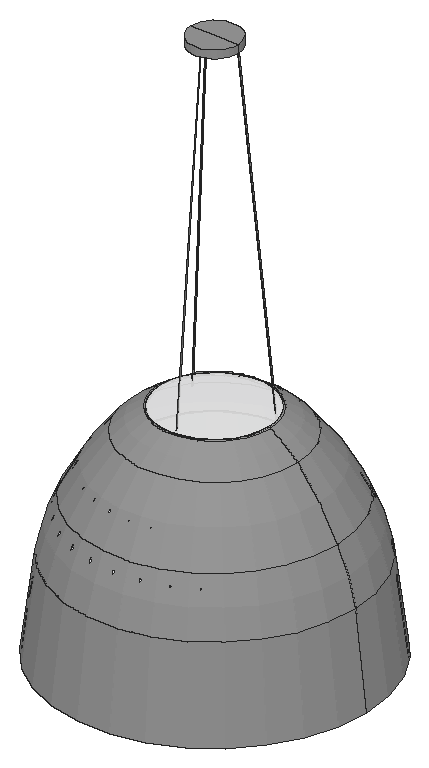
Revit family "Artemide_NurAcoustic", category Apparecchi per illuminazione, Revit 2018
Family settings
  Quota connettore circolare = Usa diametro
  Tipo di parte = Normale
  Numero OmniClass = 23.80.70.00
  Titolo OmniClass = Lighting
  Basato su piano di lavoro = Sì
  Sempre verticale = Sì
  Taglio con vuoti quando caricato = No
  Sorgente d'illuminazione = Sì
  Condiviso = No
  Punto di calcolo locali = No
Parameters (values of type "NurAcoustic_Grey_A243700")
  Weekly = "-"
  Wattage  = 80
  Wattage = 80 W
  Warranty ID = "https://cloud.artemide.com/5-years-warranty"
  built-in parameter 1150110 = 1 (stored number, unit not read)
  Voltage = 220
  Upward Component  = 0
  Unified Glare Rating  = "-"
  Uniclass2015 = "Pr_70_70_48"  # constant formula
  URL to O&M Manual = "https://www.artemide.com/contents/documenti/prodotto/nur_acoustic_instructions4832836.pdf"
  URL to Energy Technology List = "-"
  URL = "https://www.artemide.com/it/subfamily/3381857/nur-acoustic#4751388/nur-acoustic-bianco"
  Total Power = 0
  Total Light Output  = 0
  built-in parameter 1114217 = 1 (stored number, unit not read)
  Tilt Angle = 90.00°
  Testing method = "-"
  built-in parameter 1150109 = 1 (stored number, unit not read)
  built-in parameter 1150134 = (empty or 0)
  built-in parameter 1150113 = 1 (stored number, unit not read)
  Supply Phase = 0
  Suitable for Photocell Control = "-"
  Suitable for Motion Detector Control = "-"
  Suitable for Dimming  = "-"
  Suitable Dimmer Type = "-"
  Standards = "-"
  Shipping Weight = 0
  Service life  = "-"
  Secondary Rated Lamp Life = 0
  Secondary Lamp Voltage = 0
  Secondary Lamp International Type Code = "-"
  Secondary Lamp Initial Lumens  = 0
  Secondary Lamp Included = "-"
  Secondary Lamp Efficacy = 0
  Secondary Lamp Colour Temperature = 0
  Secondary Lamp Colour Rendering Index = 0
  Secondary Lamp Cap = "-"
  Secondary Lamp = "N"
  Responsible Sourcing of Materials = "-"
  Responsible Extraction of Materials = "-"
  Reflector Material = "PET"
  Reflector Finish = "Opac acrylic"
  Rated Lamp Life = 0
  Quarterly = "-"
  Product Range = "Nur Acoustic"
  Product Model Number = "A243700"
  Product Literature = "https://www.artemide.com/it/subfamily/3381857/nur-acoustic#3381887/nur-acoustic-grigio"
  Primary Lamp Type = "LED"
  Power Supply Kit = "-"
  Power Factor = 0
  File diagramma fotometrico = "A243700.ies"
  Photocell = "-"
  Overall Width = 0
  Overall Light Output Ratio = 0
  Overall Length = Diameter_Lamp  # 917 mm
  Overall Height = Height_Lamp  # 705 mm
  Output Lumens Indirect light = 0
  Output Lumens Direct light = 0
  Number of Secondary Lamps = 0
  Number of Primary Lamps = 1
  Number of Poles = 0
  Motion Sensor = "-"
  Motion Detector = ""
  Monthly = "-"
  Modello = "Nur Acoustic"
  Minimum Operating Temperature = 0
  Maximum Operating Temperature = 0
  Max Height from ceiling = 2600 mm  # constant formula
  Material Ingredient Reporting = "-"
  Manufacturer Website = "https://www.artemide.com"
  Produttore = "Artemide"
  Maintenance Required: 8001-12000hrs  = "-"
  Maintenance Required: 601-1000hrs = "-"
  Maintenance Required: 4001-8000hrs  = "-"
  Maintenance Required: 301-600hrs  = "-"
  Maintenance Required: 2001-4000hrs  = "-"
  Maintenance Required: 1001-2000hrs  = "-"
  Maintenance Required: 0-300hrs  = "-"
  M_TopClosing = Artemide_Glass_Frosted
  M_Reflector = Artemide_Plastic_PET
  M_Fixings = Artemide_Aluminum_Anodized
  M_Diffuser = Artemide_Glass_Clear
  M_Housing = Artemide_Fabric_Grey
  built-in parameter 1150105 = 489.5 (stored number, unit not read)
  Lumens = 6151.2 lm
  Luminance at 65deg Angle = 0
  Luminaire Type = "Downlight"
  Luminaire Maintenance Factor = 0
  built-in parameter 1150115 = 1 (stored number, unit not read)
  Luminaire Cleaning Interval  = "-"
  Louvre/Lens = "-"
  Location of Manufacturer = "-"
  Light Output Pattern = "Direct"
  built-in parameter 1150137 = (empty or 0)
  built-in parameter 1150139 = (empty or 0)
  Light Fixture Mounting Type = "Suspended"
  Life Cycle Analysis = "-"
  built-in parameter 1150112 = 1 (stored number, unit not read)
  Lamp Survival Factor = "-"
  Lamp Replacement Interval = "-"
  built-in parameter 1150114 = 1 (stored number, unit not read)
  Lamp Included = "Y"
  Lamp Cap = "-"
  LED lifetime = 50000
  LED Maintained Colour Variation         = 0
  LED Initial Colour Variation                      = 0
  International Type Code = "-"
  Intended Market = "Unset"
  Integral Fuse or Circuit Protection  = "-"
  Integral Emergency Lighting Battery Type = "-"
  Input Lumens Indirect light = 0
  Input Lumens Direct light = 0
  Initial Lumens = 0
  built-in parameter 1150132 = (empty or 0)
  built-in parameter 1150102 = (empty or 0)
  built-in parameter 1150107 = 3000 (stored number, unit not read)
  built-in parameter 1150138 = (empty or 0)
  Infills = "-"
  built-in parameter 1150106 = 4.895 (stored number, unit not read)
  IP Rating = "IP20"
  IK Rating = "-"
  IES Files  = "https://www.artemide.com/product/downloadFile/3381887/ieseu/4878108"
  Housing Material = "Methacrylate"
  Housing Finish  = "Fabric"
  Housing Colour  = "Grey"
  Height_Lamp = 705 mm  # constant formula
  Hazardous Area Protection Type = "-"
  Hazardous Area Category = "-"
  Gross Weight = 0
  Green Guide for Specification = "-"
  Frequency  = 0
  Fixings = "-"
  Fixing Material = "Stainless Steel"
  Fire Shroud = "-"
  Fire Rating Duration = 0
  Fire Rated Temperature = 0
  Fire Rated = "-"
  Features = "---"
  Face Width = 0
  Face Shape = "Circular"
  Face Length = 0
  External Control Line Voltage = 0
  Expected Life = "-"
  Environmental Product Declaration = "-"
  End Caps/Transition Caps/Joints = "-"
  Emetti da lunghezza linea = 609.6 mm
  Emergency light output percentage = 0
  Emergency Lighting Battery = "-"
  Emergency Charging Power       = 0
  Emergency = "-"
  Embodied Carbon  = 0
  Efficiency = 68
  built-in parameter 1150104 = 7.1433 (stored number, unit not read)
  Efficacy = 76.89
  Earth Point  = "-"
  ENEC Certification of European conformity = "Y"
  Duration of Integral Emergency Lighting  = 0
  Drive Current                                          = 0
  Downward Component = 0
  Variazione temperatura colore lampada con luminosità attenuata = <Nessuno>
  Diffusing screen = "-"
  Diffuser Material  = "Glass"
  Diffuser Finish = "Opac"
  Diameter_Lamp = 917 mm  # constant formula
  Distance_LampFromCeilingMax [instance] = if(Distance_LampFromCeiling < Max Height from ceiling, Distance_LampFromCeiling, Max Height from ceiling)  # 1000 mm
  IfcExportType = "NOTDEFINED"  # constant formula
  IfcExportAs = "IfcLightFixtureType"  # constant formula
  Designed by = "Ernesto Gismondi"
  Default Elevation = 1219.2 mm
  Daylight Sensor = "-"
  Daily = "-"
  Cut Out Width = 0
  Cut Out Length = 0
  Current  = 0
  Control Gear Type = "-"
  Control Gear Standby Power  = 0
  Control Gear Required = "-"
  Control Gear Location = "-"
  Column = "-"
  Distance_LampFromCeiling [instance] = 1000 mm
  Colour Temperature = 3000
  Colour Rendering Index = 90
  Filtro dei colori = 16777215
  Cable Material = "Stainless Steel"
  CE Approval = "Y"
  Bespoke Timeframe = "-"
  Beam Angle Transverse Axis  = 0.00°
  Beam Angle Longditudinal Axis  = 0.00°
  Basis of lifetime luminaire failures        = 0
  Basis of lifetime lumen depreciation   = 0
  built-in parameter 1114218 = 1 (stored number, unit not read)
  built-in parameter 1150133 = 10 (stored number, unit not read)
  Application Environment = "Indoor"
  Annually = "-"
  Ambient Temperature                             = 0
  Air Handling = "-"
  Access Clearance Top = 0
  Access Clearance Right = 0
  Access Clearance Rear = 0
  Access Clearance Left = 0
  Access Clearance Front = 0
  Access Clearance Bottom = 0
  6 Monthly = "-"
Types (5, lengths in mm): name | URL to O&M Manual | Product Model Number | Product Literature | File diagramma fotometrico | M_Housing | IES Files  | Housing Colour  | Distance_LampFromCeilingMax | Distance_LampFromCeiling
  NurAcoustic_White_A243720 | "https://www.artemide.com/contents/documenti/prodotto/nur_acoustic_instructions4870065.pdf" | "A243720" | "https://www.artemide.com/it/subfamily/3381857/nur-acoustic#4751388/nur-acoustic-bianco" | "A243720.ies" | Artemide_Fabric_White | "https://www.artemide.com/product/downloadFile/4751388/ieseu/4878381" | "White" | 450 | 450
  NurAcoustic_Blue_A243750 | "https://www.artemide.com/contents/documenti/prodotto/nur_acoustic_instructions4870097.pdf" | "A243750" | "https://www.artemide.com/it/subfamily/3381857/nur-acoustic#4751390/nur-acoustic-blu" | "A243750.ies" | Artemide_Fabric_Blue | "https://www.artemide.com/product/downloadFile/4751390/ieseu/4878380" | "Blue" | 450 | 450
  NurAcoustic_Grey_A243700 | "https://www.artemide.com/contents/documenti/prodotto/nur_acoustic_instructions4832836.pdf" | "A243700" | "https://www.artemide.com/it/subfamily/3381857/nur-acoustic#3381887/nur-acoustic-grigio" | "A243700.ies" | Artemide_Fabric_Grey | "https://www.artemide.com/product/downloadFile/3381887/ieseu/4878108" | "Grey" | 1000 | 1000
  NurAcoustic_Red_A243740 | "https://www.artemide.com/contents/documenti/prodotto/nur_acoustic_instructions4870081.pdf" | "A243740" | "https://www.artemide.com/it/subfamily/3381857/nur-acoustic#4751389/nur-acoustic-rosso" | "A243740.ies" | Artemide_Fabric_Red | "https://www.artemide.com/product/downloadFile/4751389/ieseu/4878379" | "Red" | 450 | 450
  NurAcoustic_Green_A243770 | "https://www.artemide.com/contents/documenti/prodotto/nur_acoustic_instructions4870113.pdf" | "A243770" | "https://www.artemide.com/it/subfamily/3381857/nur-acoustic#4751391/nur-acoustic-verde" | "A243770.ies" | Artemide_Fabric_Green | "https://www.artemide.com/product/downloadFile/4751391/ieseu/4878378" | "Green" | 450 | 450
Reference planes
  plane 1 "Light Source Axis (F/B)": y = 0
  plane 2 "Ceiling": z = 0
  plane 3 "Light Source Axis (L/R)": x = 0
  plane 4 "Light Source Elevation": z = -1081.594
  plane 5 "Top Cover": z = -1000
  plane 6 "Bottom Lamp": z = -1665.002
  plane 7 "Top Lamp": z = -960.002
  plane 8 "Left Lamp": x = -458.5
  plane 9 "Right Lamp": x = 458.5
  plane 10 "Center Lamp": x = 0
  plane 11 "Top Diffuser": z = -1141.598
  plane 12: y = 0
  plane 13 "Bottom Fixings": z = -1021.589
  plane 14 "Top Fixings": z = -14.564
  plane 15 "Right Fixing 1": x = -45.741
  plane 16: y = 26.381
  plane 17 "Left Fixing 3": x = 45.741
  plane 18: y = -52.815
  plane 19 "Left Fixing 1": x = -126.497
  plane 20 "Right Fixing 3": x = 126.497
  plane 21: y = -145.992
  plane 22: y = 72.971
  plane 23: z = -1138.598
  plane 24 "Right Fixing 5": z = -1007.4
Forms (mm)
  Revolve 1, solid, material "Artemide_Aluminum_Anodized" <- "M_Fixings"
    sketch origin (0, 0, 0) x (1, 0, 0) y (0, 0, 1)
      loop
        line (0, 0) -> (0, -23.582) -> (71.25, -23.582) -> (71.25, 0) -> (0, 0)
      axis (0, 0) -> (0, -23.582)
    angle from 0 to 360
  Sweep 2, solid, material "Artemide_Fabric_Grey" <- "M_Housing"
    path origin (0, 0, -1665.002) x (-1, 0, 0) y (0, -1, 0)
      loop
        circle (0, 0) r 458.5
    profile origin (0, -458.5, -1665.002) x (0, 1, 0) y (0, 0, 1)
      loop
        arc (295.499, 665.011) -> (293.216, 664.717) -> (291.082, 663.853) r 9.006
        arc (291.082, 663.853) -> (247.61, 634.739) -> (209.15, 599.267) r 338.078
        arc (209.15, 599.267) -> (141.703, 515.292) -> (87.789, 422.049) r 707.295
        arc (87.789, 422.049) -> (56.534, 345.975) -> (34.327, 266.785) r 706.841
        arc (34.327, 266.785) -> (11.342, 134.142) -> (0, 0) r 1543.86
        line (0, 0) -> (2.502, 0)
        arc (2.502, 0) -> (13.828, 133.873) -> (36.77, 266.252) r 1541.36
        arc (36.77, 266.252) -> (101.474, 443.678) -> (210.978, 597.545) r 704.476
        arc (210.978, 597.545) -> (249.158, 632.762) -> (292.315, 661.666) r 335.572
        arc (292.315, 661.666) -> (294.246, 662.379) -> (296.303, 662.452) r 6.5
        line (296.303, 662.452) -> (296.303, 665.002) -> (295.499, 665.011)
  Sweep 3, solid, material "Artemide_Plastic_PET" <- "M_Reflector"
    path origin (0, 0, -1665.002) x (-1, 0, 0) y (0, -1, 0)
      loop
        circle (0, 0) r 457.5
    profile origin (0, -457.5, -1665.002) x (0, 1, 0) y (0, 0, 1)
      loop
        line (1.701, 0) -> (4.06, 0)
        arc (4.06, 0) -> (12.24, 69.711) -> (21.135, 139.334) r 6829.575
        arc (21.135, 139.334) -> (31.672, 206.974) -> (45.216, 274.076) r 1533.86
        arc (45.216, 274.076) -> (108.584, 445.046) -> (214.015, 593.81) r 698.976
        arc (214.015, 593.81) -> (252.147, 628.903) -> (295.303, 657.596) r 330.072
        line (295.303, 657.596) -> (295.303, 662.251)
        arc (295.303, 662.251) -> (293.296, 662.185) -> (291.412, 661.492) r 6.3
        arc (291.412, 661.492) -> (248.281, 632.605) -> (210.124, 597.408) r 335.372
        arc (210.124, 597.408) -> (100.65, 443.585) -> (35.975, 266.206) r 704.276
        arc (35.975, 266.206) -> (13.026, 133.852) -> (1.701, 0) r 1541.16
  Sweep 4, solid, material "Artemide_Aluminum_Anodized" <- "M_Fixings"
    path origin (0, 0, 0) x (-0.866025, -0.5, 0) y (0, 0, 1)
      loop
        line (-52.761, -14.564) -> (-145.939, -1021.589)
    profile origin (86.04, 49.675, -518.077) x (-0.862342, -0.497873, -0.092135) y (-0.5, 0.866025, 0)
      loop
        circle (0, 0) r 1
  Sweep 5, solid, material "Artemide_Aluminum_Anodized" <- "M_Fixings"
    path origin (0, 0, 0) x (0, 1, 0) y (0, 0, 1)
      loop
        line (-52.815, -14.564) -> (-145.992, -1021.589)
    profile origin (0, -99.404, -518.077) x (0, 0.995747, -0.092134) y (1, 0, 0)
      loop
        circle (0, 0) r 1
  Sweep 6, solid, material "Artemide_Aluminum_Anodized" <- "M_Fixings"
    path origin (0, 0, 0) x (0.866025, -0.5, 0) y (0, 0, -1)
      loop
        line (-52.76, 14.564) -> (-145.94, 1021.589)
    profile origin (-86.04, 49.675, -518.077) x (-0.862342, 0.497873, 0.092136) y (0.5, 0.866025, 0)
      loop
        circle (0, 0) r 1
  Extrusion 7, solid, material "Artemide_Glass_Clear" <- "M_Diffuser"
    sketch origin (0, 0, -661.597) x (-1, 0, 0) y (0, -1, 0)
      loop
        circle (0, 0) r 225
    from -480.002 to -477.002
  Extrusion 8, solid, material "Artemide_Glass_Frosted" <- "M_TopClosing"
    sketch origin (0, 0, -661.597) x (-1, 0, 0) y (0, -1, 0)
      loop
        circle (0, 0) r 162.197
    from -345.803 to -338.403
Lines and regions (mm)
  symbolic lines
    curve 1: line (-1, 0, -960.002) -> (1.001, 0, -960.002)
Dimensions and locks
  "Distance_LampFromCeilingMax": plane 2 "Ceiling" to plane 5 "Top Cover"
  "Height_Lamp": plane 7 "Top Lamp" to plane 6 "Bottom Lamp"
  locked: plane 7 "Top Lamp" to plane 5 "Top Cover" at 39.998
  equal spacing: plane 9 "Right Lamp", plane 10 "Center Lamp", plane 8 "Left Lamp", locked at 458.5 each
  "Diameter_Lamp": plane 9 "Right Lamp" to plane 8 "Left Lamp"
  locked: plane 5 "Top Cover" to plane 11 "Top Diffuser" at 141.598
  locked: plane 2 "Ceiling" to plane 14 "Top Fixings" at 14.564
  locked: plane 5 "Top Cover" to plane 13 "Bottom Fixings" at 21.589
  equal spacing: plane 15 "Right Fixing 1", plane 10 "Center Lamp", plane 17 "Left Fixing 3"
  locked: plane 15 "Right Fixing 1" to plane 10 "Center Lamp" at 45.741
  locked: plane 16 to plane 12 at 26.381
  locked: plane 12 to plane 18 at 52.815
  equal spacing: plane 20 "Right Fixing 3", plane 10 "Center Lamp", plane 19 "Left Fixing 1", locked at 126.497 each
  locked: plane 15 "Right Fixing 1" to plane 19 "Left Fixing 1" at 80.757
  equal spacing: plane 13 "Bottom Fixings", plane 4 "Light Source Elevation", plane 11 "Top Diffuser", locked at 60.004 each
  locked: plane 23 to plane 11 "Top Diffuser" at 3
  locked: plane 5 "Top Cover" to plane 24 "Right Fixing 5" at 7.4
  aligned and locked: level to plane 2 "Ceiling"
  aligned and locked: Revolve 1 sketch curve to plane 10 "Center Lamp"
  aligned and locked: plane 13 "Bottom Fixings" to Sweep 4 sketch curve
  aligned and locked: plane 14 "Top Fixings" to Sweep 4 sketch curve
  aligned and locked: plane 13 "Bottom Fixings" to Sweep 5 sketch curve
  aligned and locked: plane 21 to Sweep 5 sketch curve
  aligned and locked: plane 14 "Top Fixings" to Sweep 5 sketch curve
  aligned and locked: plane 18 to Sweep 5 sketch curve
  aligned and locked: plane 13 "Bottom Fixings" to Sweep 6 sketch curve
  aligned and locked: plane 10 "Center Lamp" to imposter light
  aligned and locked: imposter light to plane 4 "Light Source Elevation"
  aligned and locked: plane 12 to imposter light
  aligned and locked: plane 10 "Center Lamp" to Extrusion 7 sketch curve
  aligned and locked: plane 12 to Extrusion 7 sketch curve
  aligned and locked: Extrusion 7 to plane 11 "Top Diffuser"
  aligned and locked: plane 23 to Extrusion 7
  aligned and locked: plane 10 "Center Lamp" to Extrusion 8 sketch curve
  aligned and locked: plane 12 to Extrusion 8 sketch curve
  aligned and locked: Extrusion 8 to plane 24 "Right Fixing 5"
  aligned and locked: plane 5 "Top Cover" to Extrusion 8
Automatic sketch dimensions
  curve 1 to plane 7 "Top Lamp" = 0 mm
  curve 1 to plane 3 "Light Source Axis (L/R)" = 1 mm
  plane 3 "Light Source Axis (L/R)" to curve 1 = 1.001 mm
  plane 1 "Light Source Axis (F/B)" to Sweep 2 sketch curve = 0 mm
  Sweep 2 sketch curve to plane 3 "Light Source Axis (L/R)" = 0 mm
  plane 1 "Light Source Axis (F/B)" to Sweep 3 sketch curve = 0 mm
  Sweep 3 sketch curve to plane 3 "Light Source Axis (L/R)" = 0 mm
  Sweep 3 sketch curve to Sweep 3 sketch curve = 2.358 mm
  Sweep 3 sketch curve to plane 6 "Bottom Lamp" = 761.043 mm
  Sweep 3 sketch curve to Sweep 3 sketch curve = 250.516 mm
  Sweep 3 sketch curve to Sweep 3 sketch curve = 4.654 mm
  Sweep 3 sketch curve to Sweep 3 sketch curve = 0 mm  (x6)
  Sweep 4 sketch curve to Sweep 4 sketch curve = 93.178 mm
  profile plane to Sweep 4 sketch curve = 0 mm  (x2)
  Sweep 5 sketch curve to plane 3 "Light Source Axis (L/R)" = 0 mm
  Sweep 5 sketch curve to profile plane = 0 mm
  Sweep 6 sketch curve to Sweep 6 sketch curve = 93.18 mm
  Sweep 6 sketch curve to profile plane = 0 mm
  profile plane to Sweep 6 sketch curve = 0 mm
  plane 14 "Top Fixings" to Sweep 6 sketch curve = 0 mm
  Sweep 3 sketch curve to Sweep 3 sketch curve = 5249.492 mm
  Sweep 3 sketch curve to profile plane = 4.06 mm
  plane 6 "Bottom Lamp" to Sweep 3 sketch curve = 115.819 mm
  Sweep 3 sketch curve to Sweep 3 sketch curve = 268.098 mm
  Sweep 3 sketch curve to Sweep 3 sketch curve = 2.701 mm
  Sweep 3 sketch curve to Sweep 3 sketch curve = 2.898 mm
  Sweep 3 sketch curve to Sweep 3 sketch curve = 0.011 mm
  Sweep 3 sketch curve to Sweep 3 sketch curve = 3.891 mm  (x2)
  Sweep 3 sketch curve to plane 6 "Bottom Lamp" = 0 mm
  Sweep 3 sketch curve to plane 6 "Bottom Lamp" = 62.883 mm
  Sweep 3 sketch curve to Sweep 3 sketch curve = 814.87 mm
  Sweep 3 sketch curve to Sweep 3 sketch curve = 0.029 mm
  Sweep 3 sketch curve to Sweep 3 sketch curve = 9.252 mm
  Sweep 2 sketch curve to Sweep 2 sketch curve = 0 mm  (x6)
  Sweep 2 sketch curve to plane 6 "Bottom Lamp" = 0 mm
  Sweep 2 sketch curve to profile plane = 0 mm
  Sweep 2 sketch curve to Sweep 2 sketch curve = 2.502 mm
  Sweep 2 sketch curve to Sweep 2 sketch curve = 0.004 mm
  Sweep 2 sketch curve to Sweep 2 sketch curve = 0.804 mm
  Sweep 2 sketch curve to Sweep 2 sketch curve = 161.402 mm
  Sweep 2 sketch curve to Sweep 2 sketch curve = 0.005 mm
  plane 6 "Bottom Lamp" to Sweep 2 sketch curve = 115.85 mm
  Sweep 2 sketch curve to Sweep 2 sketch curve = 267.956 mm
  Sweep 2 sketch curve to Sweep 2 sketch curve = 0.143 mm
  Sweep 2 sketch curve to Sweep 2 sketch curve = 0.266 mm
  Sweep 2 sketch curve to plane 6 "Bottom Lamp" = 62.883 mm
  Sweep 2 sketch curve to Sweep 2 sketch curve = 0.196 mm
  Sweep 2 sketch curve to Sweep 2 sketch curve = 0.031 mm
  Sweep 2 sketch curve to Sweep 2 sketch curve = 253.383 mm
  Sweep 2 sketch curve to Sweep 2 sketch curve = 0.003 mm  (x2)
  Sweep 2 sketch curve to Sweep 2 sketch curve = 286.766 mm
  Sweep 2 sketch curve to Sweep 2 sketch curve = 6.447 mm
  Sweep 2 sketch curve to Sweep 2 sketch curve = 2.549 mm
  Sweep 2 sketch curve to Sweep 2 sketch curve = 0.009 mm
  Sweep 2 sketch curve to Sweep 2 sketch curve = 2.442 mm
  Sweep 2 sketch curve to Sweep 2 sketch curve = 0.011 mm
  Sweep 2 sketch curve to profile plane = 87.789 mm
  Sweep 2 sketch curve to Sweep 2 sketch curve = 86.349 mm
  Sweep 2 sketch curve to Sweep 2 sketch curve = 1.828 mm
  Revolve 1 sketch curve to plane 6 "Bottom Lamp" = 791.235 mm
  Revolve 1 sketch curve to plane 14 "Top Fixings" = 9.018 mm
  level to Revolve 1 sketch curve = 137.413 mm
  Revolve 1 sketch curve to plane 3 "Light Source Axis (L/R)" = 0 mm
  Revolve 1 sketch curve to level = 0 mm
  Revolve 1 sketch curve to plane 17 "Left Fixing 3" = 25.509 mm
  Sweep 3 sketch curve to profile plane = 294.502 mm
  Sweep 3 sketch curve to Sweep 3 sketch curve = 0.801 mm
  Sweep 3 sketch curve to Sweep 3 sketch curve = 161.407 mm
  Sweep 3 sketch curve to Sweep 3 sketch curve = 286.768 mm
  Sweep 3 sketch curve to Sweep 3 sketch curve = 14.829 mm
  radius of Sweep 2 sketch curve = 458.5 mm
  radius of Sweep 3 sketch curve = 457.5 mm
  radius of Sweep 4 sketch curve = 1 mm
  radius of Sweep 5 sketch curve = 1 mm
  radius of Sweep 6 sketch curve = 1 mm
  radius of Extrusion 7 sketch curve = 225 mm
  radius of Extrusion 8 sketch curve = 162.197 mm
